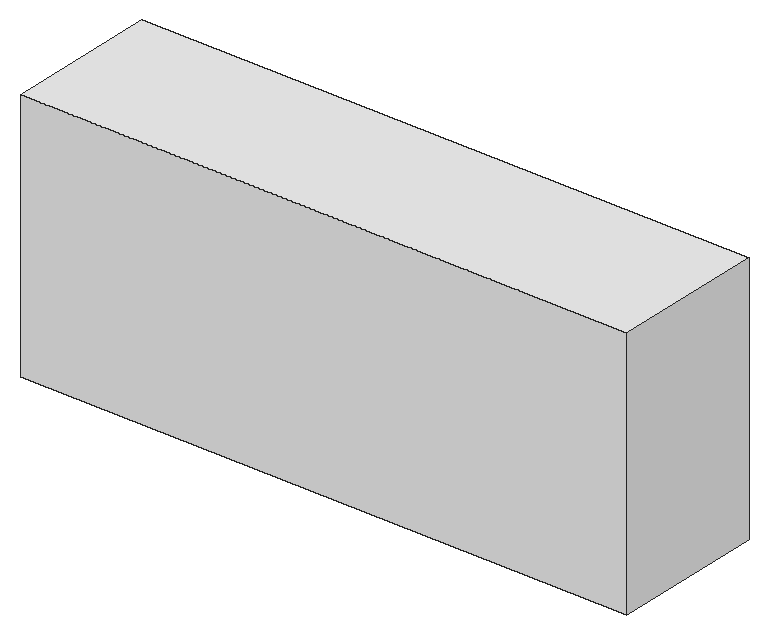
Revit family "Ringbalken_Stb", category Allgemeines Modell, Revit 2016
Family settings
  Teiletyp = Normal
  Kann Basisbauteil für Bewehrung sein = Nein
  Bemaßung runder Anschluss = Durchmesser verwenden
  Arbeitsebenenbasiert = Nein
  Beim Laden mit Abzugskörper schneiden = Nein
  Gemeinsam genutzt = Nein
  Raumberechnungspunkt = Nein
Parameters (values of type "UZ_Stb_Innen")
  Material = Stahlbeton
  built-in parameter 1001306 [instance] = 1200 mm
  Höhe [instance] = 500 mm
  Breite [instance] = 300 mm
Reference planes
  plane 1 "Mitte (Vorne/Hinten)": y = 0
  plane 2: z = 0
  plane 3 "Links": x = 0
  plane 4 "Rechts": x = 1200
  plane 5: z = -500
  plane 6: y = -300
Forms (mm)
  Extrusion 1, solid, material "Stahlbeton - Ortbeton"
    sketch origin (0, 0, 0) x (1, 0, 0) y (0, 1, 0)
      loop
        line (0, 0) -> (0, -300) -> (1200, -300) -> (1200, 0) -> (0, 0)
    from -500 to 0
Lines and regions (mm)
  reference lines
    curve 1: line (0, 0, 0) -> (1200, 0, 0)
Dimensions and locks
  "built-in parameter 1001306": plane 3 "Links" to plane 4 "Rechts"
  plane 3 "Links" to Extrusion 1 = 1200 mm
  "Höhe": plane 2 to plane 5
  "Breite": plane 6 to plane 1 "Mitte (Vorne/Hinten)"
  aligned and locked: plane 4 "Rechts" to curve 1
  aligned and locked: plane 1 "Mitte (Vorne/Hinten)" to curve 1
  aligned and locked: plane 3 "Links" to curve 1
  aligned and locked: level to plane 2
  aligned and locked: plane 3 "Links" to Extrusion 1 sketch curve
  aligned and locked: Extrusion 1 sketch curve to plane 4 "Rechts"
  aligned and locked: plane 1 "Mitte (Vorne/Hinten)" to Extrusion 1 sketch curve
  aligned and locked: plane 6 to Extrusion 1 sketch curve
  aligned and locked: Extrusion 1 to plane 5
